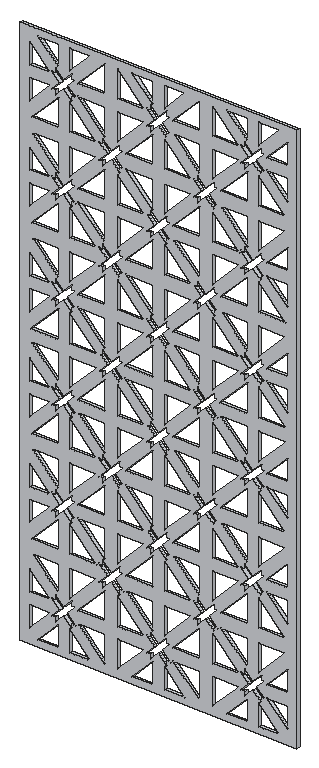
Revit family "Ibiza", category Generic Models, Revit 2016
Family settings
  Part Type = Normal
  Can host rebar = No
  Round Connector Dimension = Use Diameter
  Work Plane-Based = No
  Always vertical = Yes
  Cut with Voids When Loaded = No
  Shared = No
  Room Calculation Point = No
Reference planes (in)
  plane 1 "Center (Front/Back)": y = 0
  plane 2: z = 0
  plane 3 "Center (Left/Right)": x = 0
Forms (in)
  Extrusion 1, solid
    sketch origin (320, 0, 0) x (1, 0, 0) y (0, 0, 1)
      loop
        line (-272, 96) -> (-320, 96) -> (-320, 0) -> (-272, 0) -> (-272, 96)
      loop
        line (-300.60707, 94.9409) -> (-296.9844, 91.31823) -> (-296.9844, 94.9409) -> (-300.60707, 94.9409)
      loop
        line (-303.06905, 94.62123) -> (-303.06905, 89.92564) -> (-298.37705, 89.92564) -> (-303.06905, 94.62123)
      loop
        line (-305.32254, 89.92564) -> (-305.32254, 94.62184) -> (-310.01458, 89.92564) -> (-305.32254, 89.92564)
      loop
        line (-311.40717, 91.3183) -> (-307.78456, 94.9409) -> (-311.40717, 94.9409) -> (-311.40717, 91.3183)
      loop
        line (-313.37664, 94.9409) -> (-316.99931, 94.9409) -> (-313.37664, 91.31823) -> (-313.37664, 94.9409)
      loop
        line (-318.39195, 93.54829) -> (-318.39226, 89.92566) -> (-314.76932, 89.92566) -> (-318.39195, 93.54829)
      loop
        line (-314.76932, 87.97455) -> (-318.39226, 87.97455) -> (-318.39195, 84.35191) -> (-314.76932, 87.97455)
      loop
        line (-305.32254, 87.97456) -> (-310.01458, 87.97456) -> (-305.32254, 83.27837) -> (-305.32254, 87.97456)
      loop
        line (-303.06905, 87.97456) -> (-303.06905, 83.27897) -> (-298.37705, 87.97456) -> (-303.06905, 87.97456)
      loop
        line (-310.97604, 90.35682) -> (-310.97602, 91.04171) -> (-312.38274, 89.635) -> (-313.80785, 91.06012) -> (-313.80785, 90.35682) -> (-314.49318, 90.35682) -> (-313.07705, 88.94069) -> (-314.49275, 87.52499) -> (-313.80785, 87.52497) -> (-313.80785, 86.84009) -> (-312.39215, 88.25579) -> (-310.97604, 86.83967) -> (-310.97604, 87.525) -> (-310.27274, 87.525) -> (-311.69784, 88.9501) -> (-310.29112, 90.35682) -> (-310.97604, 90.35682)
      loop
        line (-296, 89.64432) -> (-297.41601, 91.06033) -> (-297.41601, 90.35704) -> (-298.10134, 90.35704) -> (-296.68521, 88.9409) -> (-298.04338, 87.52503) -> (-297.41558, 87.52501) -> (-297.41558, 86.8395) -> (-296, 88.25561) -> (-294.58442, 86.8395) -> (-294.58442, 87.52501) -> (-293.95662, 87.52503) -> (-295.31479, 88.9409) -> (-293.89866, 90.35704) -> (-294.58399, 90.35704) -> (-294.58399, 91.06033) -> (-296, 89.64432)
      loop
        line (-301.67443, 81.87467) -> (-296.98442, 81.87467) -> (-296.9844, 86.58197) -> (-301.67443, 81.87467)
      loop
        line (-302.74969, 82.1909) -> (-302.74969, 82.89605) -> (-304.19641, 81.44458) -> (-305.66286, 82.91512) -> (-305.66286, 82.1909) -> (-306.32727, 82.1909) -> (-304.88579, 80.75212) -> (-306.32531, 79.31454) -> (-305.66286, 79.31454) -> (-305.66286, 78.6125) -> (-304.20592, 80.07351) -> (-302.74969, 78.6125) -> (-302.74969, 79.31454) -> (-302.06632, 79.31454) -> (-303.51555, 80.76182) -> (-302.08379, 82.1909) -> (-302.74969, 82.1909)
      loop
        line (-306.7172, 81.87467) -> (-311.40717, 86.58191) -> (-311.40719, 81.8712) -> (-306.7172, 81.87467)
      loop
        line (-313.37666, 81.8712) -> (-313.37664, 86.58197) -> (-318.07394, 81.86628) -> (-313.37666, 81.8712)
      loop
        line (-318.07394, 79.63797) -> (-313.37664, 74.92227) -> (-313.37666, 79.63304) -> (-318.07394, 79.63797)
      loop
        line (-311.40719, 79.63304) -> (-311.40717, 74.92233) -> (-306.7172, 79.62958) -> (-311.40719, 79.63304)
      loop
        line (-296.9844, 74.92227) -> (-296.98442, 79.62958) -> (-301.67443, 79.62958) -> (-296.9844, 74.92227)
      loop
        line (-305.32254, 78.22587) -> (-310.01458, 73.52968) -> (-305.32254, 73.52968) -> (-305.32254, 78.22587)
      loop
        line (-298.37705, 73.52968) -> (-303.06905, 78.22527) -> (-303.06905, 73.52968) -> (-298.37705, 73.52968)
      loop
        line (-318.39195, 77.15233) -> (-318.39226, 73.5297) -> (-314.76932, 73.5297) -> (-318.39195, 77.15233)
      loop
        line (-297.41558, 74.66595) -> (-297.41558, 73.98044) -> (-298.10111, 73.98044) -> (-296.68521, 72.56454) -> (-298.10111, 71.14865) -> (-297.41558, 71.14865) -> (-297.41558, 70.46314) -> (-296, 71.8543) -> (-294.58442, 70.46314) -> (-294.58442, 71.14865) -> (-293.89889, 71.14865) -> (-295.31479, 72.56454) -> (-293.89889, 73.98044) -> (-294.58442, 73.98044) -> (-294.58442, 74.66595) -> (-296, 73.27479) -> (-297.41558, 74.66595)
      loop
        line (-310.29492, 73.98044) -> (-310.97604, 73.98044) -> (-310.97604, 74.66199) -> (-312.39215, 73.24588) -> (-313.80785, 74.66158) -> (-313.80785, 73.98044) -> (-314.48875, 73.98044) -> (-313.07317, 72.56486) -> (-314.48875, 71.14865) -> (-313.80785, 71.14865) -> (-313.80785, 70.46751) -> (-312.39215, 71.88321) -> (-310.97604, 70.4671) -> (-310.97604, 71.14865) -> (-310.29492, 71.14865) -> (-311.71082, 72.56454) -> (-310.29492, 73.98044)
      loop
        line (-305.32254, 71.59941) -> (-310.01458, 71.59941) -> (-305.32254, 66.90321) -> (-305.32254, 71.59941)
      loop
        line (-303.06905, 71.59941) -> (-303.06905, 66.90382) -> (-298.37705, 71.59941) -> (-303.06905, 71.59941)
      loop
        line (-318.39195, 67.97676) -> (-314.76932, 71.59939) -> (-318.39226, 71.59939) -> (-318.39195, 67.97676)
      loop
        line (-313.37664, 70.20681) -> (-318.07394, 65.49112) -> (-313.37666, 65.49605) -> (-313.37664, 70.20681)
      loop
        line (-306.7172, 65.49951) -> (-311.40717, 70.20675) -> (-311.40719, 65.49605) -> (-306.7172, 65.49951)
      loop
        line (-306.32531, 65.81454) -> (-304.88579, 64.37696) -> (-306.32727, 62.93818) -> (-305.66286, 62.93818) -> (-305.66286, 62.21396) -> (-304.19641, 63.6845) -> (-302.74969, 62.23303) -> (-302.74969, 62.93818) -> (-302.08379, 62.93818) -> (-303.51555, 64.36727) -> (-302.06632, 65.81454) -> (-302.74969, 65.81454) -> (-302.74969, 66.51658) -> (-304.20592, 65.05557) -> (-305.66286, 66.51658) -> (-305.66286, 65.81454) -> (-306.32531, 65.81454)
      loop
        line (-296.9844, 70.20681) -> (-301.67443, 65.49951) -> (-296.98442, 65.49951) -> (-296.9844, 70.20681)
      loop
        line (-311.40717, 58.54718) -> (-306.7172, 63.25442) -> (-311.40719, 63.25788) -> (-311.40717, 58.54718)
      loop
        line (-313.37666, 63.25788) -> (-318.07394, 63.26281) -> (-313.37664, 58.54712) -> (-313.37666, 63.25788)
      loop
        line (-318.39195, 60.77717) -> (-318.39226, 57.15454) -> (-314.76932, 57.15454) -> (-318.39195, 60.77717)
      loop
        line (-310.27274, 57.60408) -> (-310.97604, 57.60408) -> (-310.97604, 58.28941) -> (-312.39215, 56.8733) -> (-313.80785, 58.289) -> (-313.80785, 57.60411) -> (-314.49275, 57.6041) -> (-313.07705, 56.1884) -> (-314.49318, 54.77227) -> (-313.80785, 54.77227) -> (-313.80785, 54.06897) -> (-312.38274, 55.49408) -> (-310.97602, 54.08737) -> (-310.97604, 54.77227) -> (-310.29112, 54.77227) -> (-311.69784, 56.17898) -> (-310.27274, 57.60408)
      loop
        line (-310.01458, 57.15452) -> (-305.32254, 57.15452) -> (-305.32254, 61.85072) -> (-310.01458, 57.15452)
      loop
        line (-318.39195, 51.58079) -> (-314.76932, 55.20343) -> (-318.39226, 55.20343) -> (-318.39195, 51.58079)
      loop
        line (-313.37664, 53.81085) -> (-318.19754, 48.98657) -> (-313.37666, 48.98657) -> (-313.37664, 53.81085)
      loop
        line (-306.5818, 48.98657) -> (-311.40719, 53.81081) -> (-311.40719, 48.98657) -> (-306.5818, 48.98657)
      loop
        line (-310.01458, 55.20345) -> (-305.32254, 50.50725) -> (-305.32254, 55.20345) -> (-310.01458, 55.20345)
      loop
        line (-296.9844, 58.54712) -> (-296.98442, 63.25442) -> (-301.67443, 63.25442) -> (-296.9844, 58.54712)
      loop
        line (-297.41601, 58.30761) -> (-297.41601, 57.60431) -> (-298.10134, 57.60431) -> (-296.68521, 56.18818) -> (-298.10134, 54.77205) -> (-297.41601, 54.77205) -> (-297.41601, 54.06875) -> (-296, 55.48476) -> (-294.58399, 54.06875) -> (-294.58399, 54.77205) -> (-293.89866, 54.77205) -> (-295.31479, 56.18818) -> (-293.89866, 57.60431) -> (-294.58399, 57.60431) -> (-294.58399, 58.30761) -> (-296, 56.8916) -> (-297.41601, 58.30761)
      loop
        line (-296.9844, 48.98657) -> (-296.9844, 53.81085) -> (-301.81566, 48.98657) -> (-296.9844, 48.98657)
      loop
        line (-303.06905, 50.50785) -> (-298.37705, 55.20345) -> (-303.06905, 55.20345) -> (-303.06905, 50.50785)
      loop
        line (-302.07792, 49.43073) -> (-302.74969, 49.43073) -> (-302.74969, 50.1016) -> (-304.19581, 48.65072) -> (-305.66286, 50.12186) -> (-305.66286, 49.43073) -> (-306.27622, 49.43073) -> (-304.84356, 48) -> (-306.27622, 46.56927) -> (-305.66286, 46.56927) -> (-305.66286, 45.87814) -> (-304.19581, 47.34928) -> (-302.74969, 45.8984) -> (-302.74969, 46.56927) -> (-302.07792, 46.56927) -> (-303.51057, 48) -> (-302.07792, 49.43073)
      loop
        line (-291.39293, 94.9409) -> (-295.0156, 94.9409) -> (-295.0156, 91.31823) -> (-291.39293, 94.9409)
      loop
        line (-288.93095, 94.62123) -> (-293.62295, 89.92564) -> (-288.93095, 89.92564) -> (-288.93095, 94.62123)
      loop
        line (-286.67746, 89.92564) -> (-281.98542, 89.92564) -> (-286.67746, 94.62184) -> (-286.67746, 89.92564)
      loop
        line (-280.59283, 91.3183) -> (-280.59283, 94.9409) -> (-284.21544, 94.9409) -> (-280.59283, 91.3183)
      loop
        line (-278.62336, 94.9409) -> (-278.62336, 91.31823) -> (-275.00069, 94.9409) -> (-278.62336, 94.9409)
      loop
        line (-273.60805, 93.54829) -> (-277.23068, 89.92566) -> (-273.60774, 89.92566) -> (-273.60805, 93.54829)
      loop
        line (-277.23068, 87.97455) -> (-273.60805, 84.35191) -> (-273.60774, 87.97455) -> (-277.23068, 87.97455)
      loop
        line (-286.67746, 87.97456) -> (-286.67746, 83.27837) -> (-281.98542, 87.97456) -> (-286.67746, 87.97456)
      loop
        line (-288.93095, 87.97456) -> (-293.62295, 87.97456) -> (-288.93095, 83.27897) -> (-288.93095, 87.97456)
      loop
        line (-281.02396, 90.35682) -> (-281.70888, 90.35682) -> (-280.30216, 88.9501) -> (-281.72726, 87.525) -> (-281.02396, 87.525) -> (-281.02396, 86.83967) -> (-279.60785, 88.25579) -> (-278.19215, 86.84009) -> (-278.19215, 87.52497) -> (-277.50725, 87.52499) -> (-278.92295, 88.94069) -> (-277.50682, 90.35682) -> (-278.19215, 90.35682) -> (-278.19215, 91.06012) -> (-279.61726, 89.635) -> (-281.02398, 91.04171) -> (-281.02396, 90.35682)
      loop
        line (-290.32557, 81.87467) -> (-295.0156, 86.58197) -> (-295.01558, 81.87467) -> (-290.32557, 81.87467)
      loop
        line (-289.25031, 82.1909) -> (-289.91621, 82.1909) -> (-288.48445, 80.76182) -> (-289.93368, 79.31454) -> (-289.25031, 79.31454) -> (-289.25031, 78.6125) -> (-287.79408, 80.07351) -> (-286.33714, 78.6125) -> (-286.33714, 79.31454) -> (-285.67469, 79.31454) -> (-287.11421, 80.75212) -> (-285.67273, 82.1909) -> (-286.33714, 82.1909) -> (-286.33714, 82.91512) -> (-287.80359, 81.44458) -> (-289.25031, 82.89605) -> (-289.25031, 82.1909)
      loop
        line (-285.2828, 81.87467) -> (-280.59281, 81.8712) -> (-280.59283, 86.58191) -> (-285.2828, 81.87467)
      loop
        line (-278.62334, 81.8712) -> (-273.92606, 81.86628) -> (-278.62336, 86.58197) -> (-278.62334, 81.8712)
      loop
        line (-273.92606, 79.63797) -> (-278.62334, 79.63304) -> (-278.62336, 74.92227) -> (-273.92606, 79.63797)
      loop
        line (-280.59281, 79.63304) -> (-285.2828, 79.62958) -> (-280.59283, 74.92233) -> (-280.59281, 79.63304)
      loop
        line (-295.0156, 74.92227) -> (-290.32557, 79.62958) -> (-295.01558, 79.62958) -> (-295.0156, 74.92227)
      loop
        line (-286.67746, 78.22587) -> (-286.67746, 73.52968) -> (-281.98542, 73.52968) -> (-286.67746, 78.22587)
      loop
        line (-293.62295, 73.52968) -> (-288.93095, 73.52968) -> (-288.93095, 78.22527) -> (-293.62295, 73.52968)
      loop
        line (-273.60805, 77.15233) -> (-277.23068, 73.5297) -> (-273.60774, 73.5297) -> (-273.60805, 77.15233)
      loop
        line (-281.70508, 73.98044) -> (-280.28918, 72.56454) -> (-281.70508, 71.14865) -> (-281.02396, 71.14865) -> (-281.02396, 70.4671) -> (-279.60785, 71.88321) -> (-278.19215, 70.46751) -> (-278.19215, 71.14865) -> (-277.51125, 71.14865) -> (-278.92683, 72.56486) -> (-277.51125, 73.98044) -> (-278.19215, 73.98044) -> (-278.19215, 74.66158) -> (-279.60785, 73.24588) -> (-281.02396, 74.66199) -> (-281.02396, 73.98044) -> (-281.70508, 73.98044)
      loop
        line (-286.67746, 71.59941) -> (-286.67746, 66.90321) -> (-281.98542, 71.59941) -> (-286.67746, 71.59941)
      loop
        line (-288.93095, 71.59941) -> (-293.62295, 71.59941) -> (-288.93095, 66.90382) -> (-288.93095, 71.59941)
      loop
        line (-273.60805, 67.97676) -> (-273.60774, 71.59939) -> (-277.23068, 71.59939) -> (-273.60805, 67.97676)
      loop
        line (-278.62336, 70.20681) -> (-278.62334, 65.49605) -> (-273.92606, 65.49112) -> (-278.62336, 70.20681)
      loop
        line (-285.2828, 65.49951) -> (-280.59281, 65.49605) -> (-280.59283, 70.20675) -> (-285.2828, 65.49951)
      loop
        line (-285.67469, 65.81454) -> (-286.33714, 65.81454) -> (-286.33714, 66.51658) -> (-287.79408, 65.05557) -> (-289.25031, 66.51658) -> (-289.25031, 65.81454) -> (-289.93368, 65.81454) -> (-288.48445, 64.36727) -> (-289.91621, 62.93818) -> (-289.25031, 62.93818) -> (-289.25031, 62.23303) -> (-287.80359, 63.6845) -> (-286.33714, 62.21396) -> (-286.33714, 62.93818) -> (-285.67273, 62.93818) -> (-287.11421, 64.37696) -> (-285.67469, 65.81454)
      loop
        line (-295.0156, 70.20681) -> (-295.01558, 65.49951) -> (-290.32557, 65.49951) -> (-295.0156, 70.20681)
      loop
        line (-280.59283, 58.54718) -> (-280.59281, 63.25788) -> (-285.2828, 63.25442) -> (-280.59283, 58.54718)
      loop
        line (-278.62334, 63.25788) -> (-278.62336, 58.54712) -> (-273.92606, 63.26281) -> (-278.62334, 63.25788)
      loop
        line (-273.60805, 60.77717) -> (-277.23068, 57.15454) -> (-273.60774, 57.15454) -> (-273.60805, 60.77717)
      loop
        line (-281.72726, 57.60408) -> (-280.30216, 56.17898) -> (-281.70888, 54.77227) -> (-281.02396, 54.77227) -> (-281.02398, 54.08737) -> (-279.61726, 55.49408) -> (-278.19215, 54.06897) -> (-278.19215, 54.77227) -> (-277.50682, 54.77227) -> (-278.92295, 56.1884) -> (-277.50725, 57.6041) -> (-278.19215, 57.60411) -> (-278.19215, 58.289) -> (-279.60785, 56.8733) -> (-281.02396, 58.28941) -> (-281.02396, 57.60408) -> (-281.72726, 57.60408)
      loop
        line (-281.98542, 57.15452) -> (-286.67746, 61.85072) -> (-286.67746, 57.15452) -> (-281.98542, 57.15452)
      loop
        line (-273.60805, 51.58079) -> (-273.60774, 55.20343) -> (-277.23068, 55.20343) -> (-273.60805, 51.58079)
      loop
        line (-278.62336, 53.81085) -> (-278.62334, 48.98657) -> (-273.80246, 48.98657) -> (-278.62336, 53.81085)
      loop
        line (-285.4182, 48.98657) -> (-280.59281, 48.98657) -> (-280.59281, 53.81081) -> (-285.4182, 48.98657)
      loop
        line (-281.98542, 55.20345) -> (-286.67746, 55.20345) -> (-286.67746, 50.50725) -> (-281.98542, 55.20345)
      loop
        line (-295.0156, 58.54712) -> (-290.32557, 63.25442) -> (-295.01558, 63.25442) -> (-295.0156, 58.54712)
      loop
        line (-295.0156, 48.98657) -> (-290.18434, 48.98657) -> (-295.0156, 53.81085) -> (-295.0156, 48.98657)
      loop
        line (-288.93095, 50.50785) -> (-288.93095, 55.20345) -> (-293.62295, 55.20345) -> (-288.93095, 50.50785)
      loop
        line (-289.92208, 49.43073) -> (-288.48943, 48) -> (-289.92208, 46.56927) -> (-289.25031, 46.56927) -> (-289.25031, 45.8984) -> (-287.80419, 47.34928) -> (-286.33714, 45.87814) -> (-286.33714, 46.56927) -> (-285.72378, 46.56927) -> (-287.15644, 48) -> (-285.72378, 49.43073) -> (-286.33714, 49.43073) -> (-286.33714, 50.12186) -> (-287.80419, 48.65072) -> (-289.25031, 50.1016) -> (-289.25031, 49.43073) -> (-289.92208, 49.43073)
      loop
        line (-300.60707, 1.0591) -> (-296.9844, 1.0591) -> (-296.9844, 4.68177) -> (-300.60707, 1.0591)
      loop
        line (-303.06905, 1.37877) -> (-298.37705, 6.07436) -> (-303.06905, 6.07436) -> (-303.06905, 1.37877)
      loop
        line (-305.32254, 6.07436) -> (-310.01458, 6.07436) -> (-305.32254, 1.37816) -> (-305.32254, 6.07436)
      loop
        line (-311.40717, 4.6817) -> (-311.40717, 1.0591) -> (-307.78456, 1.0591) -> (-311.40717, 4.6817)
      loop
        line (-313.37664, 1.0591) -> (-313.37664, 4.68177) -> (-316.99931, 1.0591) -> (-313.37664, 1.0591)
      loop
        line (-318.39195, 2.45171) -> (-314.76932, 6.07434) -> (-318.39226, 6.07434) -> (-318.39195, 2.45171)
      loop
        line (-314.76932, 8.02545) -> (-318.39195, 11.64809) -> (-318.39226, 8.02545) -> (-314.76932, 8.02545)
      loop
        line (-305.32254, 8.02544) -> (-305.32254, 12.72163) -> (-310.01458, 8.02544) -> (-305.32254, 8.02544)
      loop
        line (-303.06905, 8.02544) -> (-298.37705, 8.02544) -> (-303.06905, 12.72103) -> (-303.06905, 8.02544)
      loop
        line (-310.97604, 5.64318) -> (-310.29112, 5.64318) -> (-311.69784, 7.0499) -> (-310.27274, 8.475) -> (-310.97604, 8.475) -> (-310.97604, 9.16033) -> (-312.39215, 7.74421) -> (-313.80785, 9.15991) -> (-313.80785, 8.47503) -> (-314.49275, 8.47501) -> (-313.07705, 7.05931) -> (-314.49318, 5.64318) -> (-313.80785, 5.64318) -> (-313.80785, 4.93988) -> (-312.38274, 6.365) -> (-310.97602, 4.95829) -> (-310.97604, 5.64318)
      loop
        line (-296, 6.35568) -> (-294.58399, 4.93967) -> (-294.58399, 5.64296) -> (-293.89866, 5.64296) -> (-295.31479, 7.0591) -> (-293.95662, 8.47497) -> (-294.58442, 8.47499) -> (-294.58442, 9.1605) -> (-296, 7.74439) -> (-297.41558, 9.1605) -> (-297.41558, 8.47499) -> (-298.04338, 8.47497) -> (-296.68521, 7.0591) -> (-298.10134, 5.64296) -> (-297.41601, 5.64296) -> (-297.41601, 4.93967) -> (-296, 6.35568)
      loop
        line (-301.67443, 14.12533) -> (-296.9844, 9.41803) -> (-296.98442, 14.12533) -> (-301.67443, 14.12533)
      loop
        line (-302.74969, 13.8091) -> (-302.08379, 13.8091) -> (-303.51555, 15.23818) -> (-302.06632, 16.68546) -> (-302.74969, 16.68546) -> (-302.74969, 17.3875) -> (-304.20592, 15.92649) -> (-305.66286, 17.3875) -> (-305.66286, 16.68546) -> (-306.32531, 16.68546) -> (-304.88579, 15.24788) -> (-306.32727, 13.8091) -> (-305.66286, 13.8091) -> (-305.66286, 13.08488) -> (-304.19641, 14.55542) -> (-302.74969, 13.10395) -> (-302.74969, 13.8091)
      loop
        line (-306.7172, 14.12533) -> (-311.40719, 14.1288) -> (-311.40717, 9.41809) -> (-306.7172, 14.12533)
      loop
        line (-313.37666, 14.1288) -> (-318.07394, 14.13372) -> (-313.37664, 9.41803) -> (-313.37666, 14.1288)
      loop
        line (-318.07394, 16.36203) -> (-313.37666, 16.36696) -> (-313.37664, 21.07773) -> (-318.07394, 16.36203)
      loop
        line (-311.40719, 16.36696) -> (-306.7172, 16.37042) -> (-311.40717, 21.07767) -> (-311.40719, 16.36696)
      loop
        line (-296.9844, 21.07773) -> (-301.67443, 16.37042) -> (-296.98442, 16.37042) -> (-296.9844, 21.07773)
      loop
        line (-305.32254, 17.77413) -> (-305.32254, 22.47032) -> (-310.01458, 22.47032) -> (-305.32254, 17.77413)
      loop
        line (-298.37705, 22.47032) -> (-303.06905, 22.47032) -> (-303.06905, 17.77473) -> (-298.37705, 22.47032)
      loop
        line (-318.39195, 18.84767) -> (-314.76932, 22.4703) -> (-318.39226, 22.4703) -> (-318.39195, 18.84767)
      loop
        line (-297.41558, 21.33405) -> (-296, 22.72521) -> (-294.58442, 21.33405) -> (-294.58442, 22.01956) -> (-293.89889, 22.01956) -> (-295.31479, 23.43546) -> (-293.89889, 24.85135) -> (-294.58442, 24.85135) -> (-294.58442, 25.53686) -> (-296, 24.1457) -> (-297.41558, 25.53686) -> (-297.41558, 24.85135) -> (-298.10111, 24.85135) -> (-296.68521, 23.43546) -> (-298.10111, 22.01956) -> (-297.41558, 22.01956) -> (-297.41558, 21.33405)
      loop
        line (-310.29492, 22.01956) -> (-311.71082, 23.43546) -> (-310.29492, 24.85135) -> (-310.97604, 24.85135) -> (-310.97604, 25.5329) -> (-312.39215, 24.11679) -> (-313.80785, 25.53249) -> (-313.80785, 24.85135) -> (-314.48875, 24.85135) -> (-313.07317, 23.43514) -> (-314.48875, 22.01956) -> (-313.80785, 22.01956) -> (-313.80785, 21.33842) -> (-312.39215, 22.75412) -> (-310.97604, 21.33801) -> (-310.97604, 22.01956) -> (-310.29492, 22.01956)
      loop
        line (-305.32254, 24.40059) -> (-305.32254, 29.09679) -> (-310.01458, 24.40059) -> (-305.32254, 24.40059)
      loop
        line (-303.06905, 24.40059) -> (-298.37705, 24.40059) -> (-303.06905, 29.09618) -> (-303.06905, 24.40059)
      loop
        line (-318.39195, 28.02324) -> (-318.39226, 24.40061) -> (-314.76932, 24.40061) -> (-318.39195, 28.02324)
      loop
        line (-313.37664, 25.79319) -> (-313.37666, 30.50395) -> (-318.07394, 30.50888) -> (-313.37664, 25.79319)
      loop
        line (-306.7172, 30.50049) -> (-311.40719, 30.50395) -> (-311.40717, 25.79325) -> (-306.7172, 30.50049)
      loop
        line (-306.32531, 30.18546) -> (-305.66286, 30.18546) -> (-305.66286, 29.48342) -> (-304.20592, 30.94443) -> (-302.74969, 29.48342) -> (-302.74969, 30.18546) -> (-302.06632, 30.18546) -> (-303.51555, 31.63273) -> (-302.08379, 33.06182) -> (-302.74969, 33.06182) -> (-302.74969, 33.76697) -> (-304.19641, 32.3155) -> (-305.66286, 33.78604) -> (-305.66286, 33.06182) -> (-306.32727, 33.06182) -> (-304.88579, 31.62304) -> (-306.32531, 30.18546)
      loop
        line (-296.9844, 25.79319) -> (-296.98442, 30.50049) -> (-301.67443, 30.50049) -> (-296.9844, 25.79319)
      loop
        line (-311.40717, 37.45282) -> (-311.40719, 32.74212) -> (-306.7172, 32.74558) -> (-311.40717, 37.45282)
      loop
        line (-313.37666, 32.74212) -> (-313.37664, 37.45288) -> (-318.07394, 32.73719) -> (-313.37666, 32.74212)
      loop
        line (-318.39195, 35.22283) -> (-314.76932, 38.84546) -> (-318.39226, 38.84546) -> (-318.39195, 35.22283)
      loop
        line (-310.27274, 38.39592) -> (-311.69784, 39.82102) -> (-310.29112, 41.22773) -> (-310.97604, 41.22773) -> (-310.97602, 41.91263) -> (-312.38274, 40.50592) -> (-313.80785, 41.93103) -> (-313.80785, 41.22773) -> (-314.49318, 41.22773) -> (-313.07705, 39.8116) -> (-314.49275, 38.3959) -> (-313.80785, 38.39589) -> (-313.80785, 37.711) -> (-312.39215, 39.1267) -> (-310.97604, 37.71059) -> (-310.97604, 38.39592) -> (-310.27274, 38.39592)
      loop
        line (-310.01458, 38.84548) -> (-305.32254, 34.14928) -> (-305.32254, 38.84548) -> (-310.01458, 38.84548)
      loop
        line (-318.39195, 44.41921) -> (-318.39226, 40.79657) -> (-314.76932, 40.79657) -> (-318.39195, 44.41921)
      loop
        line (-313.37664, 42.18915) -> (-313.37666, 47.01343) -> (-318.19754, 47.01343) -> (-313.37664, 42.18915)
      loop
        line (-306.5818, 47.01343) -> (-311.40719, 47.01343) -> (-311.40719, 42.18919) -> (-306.5818, 47.01343)
      loop
        line (-310.01458, 40.79655) -> (-305.32254, 40.79655) -> (-305.32254, 45.49275) -> (-310.01458, 40.79655)
      loop
        line (-296.9844, 37.45288) -> (-301.67443, 32.74558) -> (-296.98442, 32.74558) -> (-296.9844, 37.45288)
      loop
        line (-297.41601, 37.69239) -> (-296, 39.1084) -> (-294.58399, 37.69239) -> (-294.58399, 38.39569) -> (-293.89866, 38.39569) -> (-295.31479, 39.81182) -> (-293.89866, 41.22795) -> (-294.58399, 41.22795) -> (-294.58399, 41.93125) -> (-296, 40.51524) -> (-297.41601, 41.93125) -> (-297.41601, 41.22795) -> (-298.10134, 41.22795) -> (-296.68521, 39.81182) -> (-298.10134, 38.39569) -> (-297.41601, 38.39569) -> (-297.41601, 37.69239)
      loop
        line (-296.9844, 47.01343) -> (-301.81566, 47.01343) -> (-296.9844, 42.18915) -> (-296.9844, 47.01343)
      loop
        line (-303.06905, 45.49215) -> (-303.06905, 40.79655) -> (-298.37705, 40.79655) -> (-303.06905, 45.49215)
      loop
        line (-291.39293, 1.0591) -> (-295.0156, 4.68177) -> (-295.0156, 1.0591) -> (-291.39293, 1.0591)
      loop
        line (-288.93095, 1.37877) -> (-288.93095, 6.07436) -> (-293.62295, 6.07436) -> (-288.93095, 1.37877)
      loop
        line (-286.67746, 6.07436) -> (-286.67746, 1.37816) -> (-281.98542, 6.07436) -> (-286.67746, 6.07436)
      loop
        line (-280.59283, 4.6817) -> (-284.21544, 1.0591) -> (-280.59283, 1.0591) -> (-280.59283, 4.6817)
      loop
        line (-278.62336, 1.0591) -> (-275.00069, 1.0591) -> (-278.62336, 4.68177) -> (-278.62336, 1.0591)
      loop
        line (-273.60805, 2.45171) -> (-273.60774, 6.07434) -> (-277.23068, 6.07434) -> (-273.60805, 2.45171)
      loop
        line (-277.23068, 8.02545) -> (-273.60774, 8.02545) -> (-273.60805, 11.64809) -> (-277.23068, 8.02545)
      loop
        line (-286.67746, 8.02544) -> (-281.98542, 8.02544) -> (-286.67746, 12.72163) -> (-286.67746, 8.02544)
      loop
        line (-288.93095, 8.02544) -> (-288.93095, 12.72103) -> (-293.62295, 8.02544) -> (-288.93095, 8.02544)
      loop
        line (-281.02396, 5.64318) -> (-281.02398, 4.95829) -> (-279.61726, 6.365) -> (-278.19215, 4.93988) -> (-278.19215, 5.64318) -> (-277.50682, 5.64318) -> (-278.92295, 7.05931) -> (-277.50725, 8.47501) -> (-278.19215, 8.47503) -> (-278.19215, 9.15991) -> (-279.60785, 7.74421) -> (-281.02396, 9.16033) -> (-281.02396, 8.475) -> (-281.72726, 8.475) -> (-280.30216, 7.0499) -> (-281.70888, 5.64318) -> (-281.02396, 5.64318)
      loop
        line (-290.32557, 14.12533) -> (-295.01558, 14.12533) -> (-295.0156, 9.41803) -> (-290.32557, 14.12533)
      loop
        line (-289.25031, 13.8091) -> (-289.25031, 13.10395) -> (-287.80359, 14.55542) -> (-286.33714, 13.08488) -> (-286.33714, 13.8091) -> (-285.67273, 13.8091) -> (-287.11421, 15.24788) -> (-285.67469, 16.68546) -> (-286.33714, 16.68546) -> (-286.33714, 17.3875) -> (-287.79408, 15.92649) -> (-289.25031, 17.3875) -> (-289.25031, 16.68546) -> (-289.93368, 16.68546) -> (-288.48445, 15.23818) -> (-289.91621, 13.8091) -> (-289.25031, 13.8091)
      loop
        line (-285.2828, 14.12533) -> (-280.59283, 9.41809) -> (-280.59281, 14.1288) -> (-285.2828, 14.12533)
      loop
        line (-278.62334, 14.1288) -> (-278.62336, 9.41803) -> (-273.92606, 14.13372) -> (-278.62334, 14.1288)
      loop
        line (-273.92606, 16.36203) -> (-278.62336, 21.07773) -> (-278.62334, 16.36696) -> (-273.92606, 16.36203)
      loop
        line (-280.59281, 16.36696) -> (-280.59283, 21.07767) -> (-285.2828, 16.37042) -> (-280.59281, 16.36696)
      loop
        line (-295.0156, 21.07773) -> (-295.01558, 16.37042) -> (-290.32557, 16.37042) -> (-295.0156, 21.07773)
      loop
        line (-286.67746, 17.77413) -> (-281.98542, 22.47032) -> (-286.67746, 22.47032) -> (-286.67746, 17.77413)
      loop
        line (-293.62295, 22.47032) -> (-288.93095, 17.77473) -> (-288.93095, 22.47032) -> (-293.62295, 22.47032)
      loop
        line (-273.60805, 18.84767) -> (-273.60774, 22.4703) -> (-277.23068, 22.4703) -> (-273.60805, 18.84767)
      loop
        line (-281.70508, 22.01956) -> (-281.02396, 22.01956) -> (-281.02396, 21.33801) -> (-279.60785, 22.75412) -> (-278.19215, 21.33842) -> (-278.19215, 22.01956) -> (-277.51125, 22.01956) -> (-278.92683, 23.43514) -> (-277.51125, 24.85135) -> (-278.19215, 24.85135) -> (-278.19215, 25.53249) -> (-279.60785, 24.11679) -> (-281.02396, 25.5329) -> (-281.02396, 24.85135) -> (-281.70508, 24.85135) -> (-280.28918, 23.43546) -> (-281.70508, 22.01956)
      loop
        line (-286.67746, 24.40059) -> (-281.98542, 24.40059) -> (-286.67746, 29.09679) -> (-286.67746, 24.40059)
      loop
        line (-288.93095, 24.40059) -> (-288.93095, 29.09618) -> (-293.62295, 24.40059) -> (-288.93095, 24.40059)
      loop
        line (-273.60805, 28.02324) -> (-277.23068, 24.40061) -> (-273.60774, 24.40061) -> (-273.60805, 28.02324)
      loop
        line (-278.62336, 25.79319) -> (-273.92606, 30.50888) -> (-278.62334, 30.50395) -> (-278.62336, 25.79319)
      loop
        line (-285.2828, 30.50049) -> (-280.59283, 25.79325) -> (-280.59281, 30.50395) -> (-285.2828, 30.50049)
      loop
        line (-285.67469, 30.18546) -> (-287.11421, 31.62304) -> (-285.67273, 33.06182) -> (-286.33714, 33.06182) -> (-286.33714, 33.78604) -> (-287.80359, 32.3155) -> (-289.25031, 33.76697) -> (-289.25031, 33.06182) -> (-289.91621, 33.06182) -> (-288.48445, 31.63273) -> (-289.93368, 30.18546) -> (-289.25031, 30.18546) -> (-289.25031, 29.48342) -> (-287.79408, 30.94443) -> (-286.33714, 29.48342) -> (-286.33714, 30.18546) -> (-285.67469, 30.18546)
      loop
        line (-295.0156, 25.79319) -> (-290.32557, 30.50049) -> (-295.01558, 30.50049) -> (-295.0156, 25.79319)
      loop
        line (-280.59283, 37.45282) -> (-285.2828, 32.74558) -> (-280.59281, 32.74212) -> (-280.59283, 37.45282)
      loop
        line (-278.62334, 32.74212) -> (-273.92606, 32.73719) -> (-278.62336, 37.45288) -> (-278.62334, 32.74212)
      loop
        line (-273.60805, 35.22283) -> (-273.60774, 38.84546) -> (-277.23068, 38.84546) -> (-273.60805, 35.22283)
      loop
        line (-281.72726, 38.39592) -> (-281.02396, 38.39592) -> (-281.02396, 37.71059) -> (-279.60785, 39.1267) -> (-278.19215, 37.711) -> (-278.19215, 38.39589) -> (-277.50725, 38.3959) -> (-278.92295, 39.8116) -> (-277.50682, 41.22773) -> (-278.19215, 41.22773) -> (-278.19215, 41.93103) -> (-279.61726, 40.50592) -> (-281.02398, 41.91263) -> (-281.02396, 41.22773) -> (-281.70888, 41.22773) -> (-280.30216, 39.82102) -> (-281.72726, 38.39592)
      loop
        line (-281.98542, 38.84548) -> (-286.67746, 38.84548) -> (-286.67746, 34.14928) -> (-281.98542, 38.84548)
      loop
        line (-273.60805, 44.41921) -> (-277.23068, 40.79657) -> (-273.60774, 40.79657) -> (-273.60805, 44.41921)
      loop
        line (-278.62336, 42.18915) -> (-273.80246, 47.01343) -> (-278.62334, 47.01343) -> (-278.62336, 42.18915)
      loop
        line (-285.4182, 47.01343) -> (-280.59281, 42.18919) -> (-280.59281, 47.01343) -> (-285.4182, 47.01343)
      loop
        line (-281.98542, 40.79655) -> (-286.67746, 45.49275) -> (-286.67746, 40.79655) -> (-281.98542, 40.79655)
      loop
        line (-295.0156, 37.45288) -> (-295.01558, 32.74558) -> (-290.32557, 32.74558) -> (-295.0156, 37.45288)
      loop
        line (-295.0156, 47.01343) -> (-295.0156, 42.18915) -> (-290.18434, 47.01343) -> (-295.0156, 47.01343)
      loop
        line (-288.93095, 45.49215) -> (-293.62295, 40.79655) -> (-288.93095, 40.79655) -> (-288.93095, 45.49215)
      loop
        line (-303.06905, 61.83072) -> (-303.06905, 57.13513) -> (-298.37705, 57.13513) -> (-303.06905, 61.83072)
      loop
        line (-293.62295, 57.13513) -> (-288.93095, 57.13513) -> (-288.93095, 61.83072) -> (-293.62295, 57.13513)
      loop
        line (-293.62295, 38.86487) -> (-288.93095, 34.16928) -> (-288.93095, 38.86487) -> (-293.62295, 38.86487)
      loop
        line (-303.06905, 34.16928) -> (-298.37705, 38.86487) -> (-303.06905, 38.86487) -> (-303.06905, 34.16928)
    from 0 to 0.5
Dimensions and locks (in)
  aligned and locked: plane 2 to level
